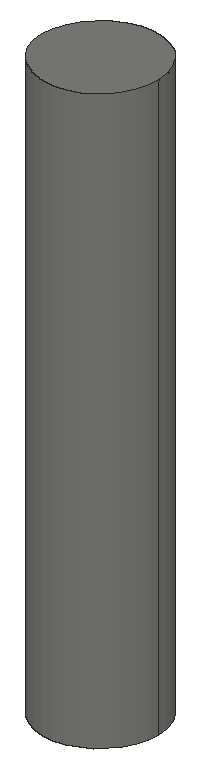
Revit family "Concrete - Round (column)", category Structural Columns, Revit 2020
Family settings
  Display in Hidden Views = Edges Hidden by Other Members
  Section Shape = Not Defined
  Material for Model Behavior = Concrete
  Always export as geometry = No
  Beam cutback in plan = From geometry
  Cut with Voids When Loaded = No
  Symbolic Representation = From Family
  Shared = No
  Show family pre-cut in plan views = Yes
Parameters (values of type "Concrete - Round (column)")
  d = 200 mm
  Structural Material = Concrete
  Creator Organization [instance] = "© Danish Educational Content"  # constant formula
  Creator Name [instance] = "© Erik Falck Jørgensen"  # constant formula
  Creator Build [instance] = "2018.0420.0"  # constant formula
Reference planes
  plane 1 "Center (Front/Back)": y = 0
  plane 2: z = 0
  plane 3 "Center (Left/Right)": x = 0
  plane 4: x = -100
  plane 5: x = 100
  plane 6: y = 100
  plane 7: y = -100
Forms (mm)
  Extrusion 1, solid, material "Concrete" <- "Structural Material"
    sketch origin (0, 0, 0) x (1, 0, 0) y (0, 1, 0)
      loop
        circle (0, 0) r 100
    from 0 to 1000
Dimensions and locks
  equal spacing: plane 4, plane 3 "Center (Left/Right)", plane 5
  equal spacing: plane 7, plane 1 "Center (Front/Back)", plane 6
  "d": plane 7 to plane 6
  "d": plane 4 to plane 5
  aligned and locked: level to Extrusion 1
  aligned and locked: level to plane 2
  aligned and locked: Extrusion 1 to plane 2
Automatic sketch dimensions
  Extrusion 1 sketch curve to plane 1 "Center (Front/Back)" = 0 mm
  Extrusion 1 sketch curve to plane 4 = 0 mm
  Extrusion 1 sketch curve to plane 3 "Center (Left/Right)" = 0 mm
